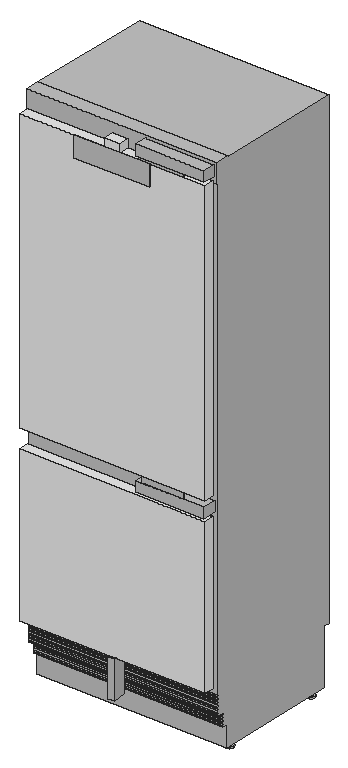
Revit family "FP-Revit20-en-RS3084WRUE1-FridgeFreezer-0-CA-US-90001084A", category Specialty Equipment, Revit 2020
Family settings
  Round Connector Dimension = Use Diameter
  Part Type = Normal
  OmniClass Number = 23.40.40.11.11
  OmniClass Title = Refrigerators and Freezers
  Work Plane-Based = No
  Always vertical = Yes
  Cut with Voids When Loaded = Yes
  Shared = No
  Room Calculation Point = No
Parameters (values of type "RS3084WRUE1")
  Visibility - Water Connection = yes
  Visibility - Visibility Control Note = yes
  Visibility - Clearance Required = yes
  URL = "www.fisherpaykel.com"
  Stainless Steel Door Panels (RD3084WRD) = no
  Product - Width = 756 mm  # constant formula
  Product - Height = 2134 mm  # constant formula
  Product - Depth (exl front panel) = 610 mm  # constant formula
  Model = "RS3084WRUE1"
  Material - Handle = Fisher & Paykel - Aluminium
  Material - Door Structure = Fisher & Paykel - White
  Material - Door Front = Fisher & Paykel - Stainless Steel
  Material - Body = Fisher & Paykel - Grey
  Manufacturer = "Fisher & Paykel Appliances"
  Handle Style - Professional Square (AHV2RD3084W) = no
  Handle Style - Professional Round Flush (AHP3RD3084W) = no
  Handle Style - Professional Round (AHCRD3084W) = no
  Handle Style - Contemporary Square Fine Black (AHD5RD3084WB) = no
  Handle Style - Contemporary Square Fine (AHD5RD3084W) = no
  Handle Style - Contemporary Square (AHD3RD3084W) = no
  Handle Style - Contemporary Round (AHSRD3084W) = no
  Description = "30\" Integrated Column Freezer with internal Ice & Water"
  Default Elevation = 0 mm
  Connector Description - Water = "1/4\" (6mm) comp. stainless steel braided hose"
  Connector Description - Electrical = "120 V, 10 amp fused electrical supply"
  Cavity - Width = 762 mm  # constant formula
  Cavity - Height = 2134 mm  # constant formula
  Cavity - Depth = 635 mm  # constant formula
Reference planes
  plane 1 "Center (Front/Back)": y = 0
  plane 2: z = 0
  plane 3 "Center (Left/Right)": x = 0
  plane 4 "Product LHS": x = -378
  plane 5 "Product RHS": x = 378
  plane 6 "Product - Depth": y = 610
  plane 7 "Cavity LHS": x = -381
  plane 8 "Cavity RHS": x = 381
  plane 9 "Cavity - Depth": y = 635
  plane 10 "Handle Offset": x = -315
  plane 11 "Product Height": z = 2134
  plane 12 "Cavity Height": z = 2134
  plane 13 "Door Panel Datum": y = -4.1
Forms (mm)
  Extrusion 1, solid, material "Fisher & Paykel - Grey" <- "Material - Body", detail levels fine
    sketch origin (0, 0, 0) x (0, 1, 0) y (0, 0, 1)
      loop
        line (100.1, 19.1) -> (587.9, 19.1) -> (587.9, 239.7) -> (610, 239.7) -> (610, 2132.3) -> (105.1, 2132.3) -> (105.1, 2134) -> (49.9, 2134) -> (49.9, 2059) -> (56, 2059) -> (56, 228.6) -> (59.5, 228.6) -> (59.5, 219.7) -> (56.5, 219.7) -> (56.5, 215.9) -> (59.5, 215.9) -> (59.5, 207) -> (56.5, 207) -> (56.5, 203.2) -> (59.5, 203.2) -> (59.5, 194.3) -> (56.5, 194.3) -> (56.5, 190.5) -> (59.5, 190.5) -> (59.5, 181.6) -> (56.5, 181.6) -> (56.5, 177.8) -> (59.5, 177.8) -> (59.5, 168.9) -> (56.5, 168.9) -> (56.5, 165.1) -> (59.5, 165.1) -> (59.5, 156.2) -> (56.5, 156.2) -> (56.5, 152.4) -> (84.1, 152.4) -> (84.1, 143.5) -> (81.1, 143.5) -> (81.1, 139.7) -> (84.1, 139.7) -> (84.1, 130.8) -> (81.1, 130.8) -> (81.1, 127) -> (84.1, 127) -> (84.1, 118.1) -> (81.1, 118.1) -> (81.1, 114.3) -> (84.1, 114.3) -> (84.1, 105.4) -> (81.1, 105.4) -> (81.1, 101.6) -> (100.1, 101.6) -> (100.1, 19.1)
    from -378 to 378
  Extrusion 2, solid, material "Fisher & Paykel - Grey" <- "Material - Body"
    sketch origin (0, 0, 0) x (1, 0, 0) y (0, 1, 0)
      loop
        circle (-357.5, 547.8) r 4.1
      loop
        circle (-357.5, 141.8) r 4.1
      loop
        circle (357.5, 547.8) r 4.1
      loop
        circle (357.5, 141.8) r 4.1
    from 3 to 19.1
  Extrusion 3, solid, material "Fisher & Paykel - Grey" <- "Material - Body"
    sketch origin (0, 0, 0) x (1, 0, 0) y (0, 1, 0)
      loop
        circle (-357.5, 547.8) r 14.5
      loop
        circle (-357.5, 141.8) r 14.555
      loop
        circle (357.5, 547.8) r 14.5
      loop
        circle (357.5, 141.8) r 14.555
    from 0 to 3
  Extrusion 4, solid, material "Fisher & Paykel - Grey" <- "Material - Body", detail levels fine
    sketch origin (0, 0, 0) x (1, 0, 0) y (0, 1, 0)
      loop
        line (-7.5, 49) -> (-13.797, -4.1) -> (13.797, -4.1) -> (7.5, 49) -> (-7.5, 49)
    from 104.2 to 253.8
  Extrusion 5, solid, material "Fisher & Paykel - Grey" <- "Material - Body", detail levels fine
    sketch origin (0, 0, 0) x (0, 1, 0) y (0, 0, 1)
      loop
        line (0, 2070.6) -> (0, 1988.6) -> (2, 1988.6) -> (2, 2068.6) -> (4, 2068.6) -> (4, 2070.6) -> (0, 2070.6)
    from -150 to 150
  Extrusion 6, solid, material "Fisher & Paykel - Grey" <- "Material - Body"
    sketch origin (0, 0, 0) x (1, 0, 0) y (0, 0, 1)
      loop
        circle (303, 119.813) r 5
      loop
        circle (-303, 119.813) r 5
    from -590 to -587.9
  Extrusion 7, solid, material "Fisher & Paykel - White" <- "Material - Door Structure"
    sketch origin (0, 0, 0) x (1, 0, 0) y (0, 1, 0)
      loop
        line (-353, 56) -> (-353, 42) -> (353, 42) -> (353, 56) -> (-353, 56)
    from 951.3 to 2030.7
  Extrusion 8, solid, material "Fisher & Paykel - White" <- "Material - Door Structure"
    sketch origin (0, 0, 0) x (1, 0, 0) y (0, 1, 0)
      loop
        line (-369.4, 42) -> (-369.4, 3) -> (369.4, 3) -> (369.4, 42) -> (-369.4, 42)
    from 943.8 to 2068.6
  Extrusion 9, solid, material "Fisher & Paykel - White" <- "Material - Door Structure", detail levels fine
    sketch origin (0, 0, 0) x (1, 0, 0) y (0, 0, 1)
      loop
        line (-29.5, 2100.1) -> (-29.5, 2068.6) -> (29.5, 2068.6) -> (29.5, 2100.1) -> (-29.5, 2100.1)
    from -42 to -3
  Extrusion 10, solid, material "Fisher & Paykel - Stainless Steel" <- "Material - Door Front", visible <- "Stainless Steel Door Panels (RD3084WRD)"
    sketch origin (0, 0, 0) x (0, 1, 0) y (0, 0, 1)
      loop
        line (-22.1, 2130.8) -> (-22.1, 876.3) -> (-4.1, 876.3) -> (-4.1, 2130.8) -> (-22.1, 2130.8)
      loop
        line (-22.1, 102) -> (-4.1, 102) -> (-4.1, 873.1) -> (-22.1, 873.1) -> (-22.1, 102)
    from -378 to 378
  Extrusion 11, solid, material "Fisher & Paykel - Grey" <- "Material - Body", detail levels coarse+medium
    sketch origin (0, 0, 0) x (0, 1, 0) y (0, 0, 1)
      loop
        line (49.9, 2134) -> (49.9, 2059) -> (56, 2059) -> (56, 152.4) -> (81.1, 152.4) -> (81.1, 101.6) -> (100.1, 101.6) -> (100.1, 19.1) -> (587.9, 19.1) -> (587.9, 239.7) -> (610, 239.7) -> (610, 2134) -> (49.9, 2134)
    from -378 to 378
  Extrusion 12, solid, material "Fisher & Paykel - Grey" <- "Material - Body", detail levels fine
    sketch origin (0, 0, -4) x (0, 1, 0) y (0, 0, 1)
      loop
        arc (163.888, 23.1) -> (180.4, 13.63) -> (196.912, 23.1) r 19.13
        line (196.912, 23.1) -> (163.888, 23.1)
      loop
        arc (493.888, 23.1) -> (510.4, 13.63) -> (526.912, 23.1) r 19.13
        line (526.912, 23.1) -> (493.888, 23.1)
    from 191 to 219
  Extrusion 13, solid, material "Fisher & Paykel - Grey" <- "Material - Body", detail levels fine
    sketch origin (0, 0, -4) x (0, 1, 0) y (0, 0, -1)
      loop
        line (163.888, -23.1) -> (196.912, -23.1)
        arc (196.912, -23.1) -> (180.4, -13.63) -> (163.888, -23.1) r 19.13
      loop
        line (493.888, -23.1) -> (526.912, -23.1)
        arc (526.912, -23.1) -> (510.4, -13.63) -> (493.888, -23.1) r 19.13
    from 191 to 219
  Extrusion 14, solid, material "Fisher & Paykel - Clearance Required", visible <- "Visibility - Clearance Required", detail levels coarse
    sketch origin (0, 0, 0) x (1, 0, 0) y (0, 1, 0)
      loop
        line (-381, 635) -> (-381, -4.1) -> (381, -4.1) -> (381, 635) -> (-381, 635)
    from 0 to 2134
  Extrusion 15, void
    sketch origin (0, 0, 0) x (1, 0, 0) y (0, 1, 0)
      loop
        line (-381, 635) -> (-381, -22.1) -> (381, -22.1) -> (381, 635) -> (-381, 635)
    from 0 to 2134
  Extrusion 16, solid, material "Fisher & Paykel - Grey" <- "Material - Body", detail levels fine
    sketch origin (0, 0, 0) x (1, 0, 0) y (0, 0, 1)
      loop
        line (118.4, 943.8) -> (118.4, 919.35) -> (282.9, 919.35) -> (282.9, 943.8) -> (118.4, 943.8)
      loop
        line (106, 2081.05) -> (106, 2068.6) -> (282.9, 2068.6) -> (282.9, 2076.05) -> (242.9, 2081.05) -> (106, 2081.05)
    from -7 to -4
  Extrusion 17, solid, material "Fisher & Paykel - White" <- "Material - Door Structure"
    sketch origin (0, 0, 0) x (1, 0, 0) y (0, 1, 0)
      loop
        line (-369.4, 42) -> (-369.4, 3) -> (369.4, 3) -> (369.4, 42) -> (-369.4, 42)
    from 253.8 to 868.15
  Extrusion 18, solid, material "Fisher & Paykel - White" <- "Material - Door Structure"
    sketch origin (0, 0, 0) x (1, 0, 0) y (0, 1, 0)
      loop
        line (-353, 56) -> (-353, 42) -> (353, 42) -> (353, 56) -> (-353, 56)
    from 269.2 to 858.13
  Extrusion 19, solid, material "Fisher & Paykel - Clearance Required", visible <- "Visibility - Clearance Required", detail levels coarse
    sketch origin (0, 0, 0) x (0, 1, 0) y (0, 0, 1)
      loop
        line (-422.1, 873.1) -> (-422.1, 818.896) -> (-482.1, 818.896) -> (-482.1, 781.896) -> (-422.1, 781.896) -> (-422.1, 101.6) -> (-22.1, 101.6) -> (-22.1, 873.1) -> (-422.1, 873.1)
    from -381 to 381
  Extrusion 20, solid, material "Fisher & Paykel - Clearance Required", visible <- "Visibility - Clearance Required", detail levels coarse
    sketch origin (0, -0.697, 0) x (1, 0, 0) y (0, 1, 0)
      loop
        line (-328.5, -21.403) -> (-378, -21.403)
        arc (-378, -21.403) -> (-22.015, -691.254) -> (734.604, -745.593) r 783.517
        line (734.604, -745.593) -> (712.602, -698.253) -> (738.875, -686.002)
        arc (738.875, -686.002) -> (747.815, -661.439) -> (723.252, -652.5) r 18.483
        line (723.252, -652.5) -> (697.006, -664.698) -> (415.915, -59.919)
        arc (415.915, -59.919) -> (380.992, -56.377) -> (378, -21.403) r 27.5
        line (378, -21.403) -> (-328.5, -21.403)
    from 876.3 to 2134
  Extrusion 21, solid, material "Fisher & Paykel - Grey" <- "Material - Body", detail levels fine
    sketch origin (0, 0, 0) x (1, 0, 0) y (0, 0, 1)
      loop
        line (366.4, 2123.15) -> (95.42, 2123.15) -> (95.42, 2081.05) -> (366.4, 2081.05) -> (366.4, 2123.15)
    from -49 to -2.5
  Extrusion 22, solid, material "Fisher & Paykel - Grey" <- "Material - Body", detail levels fine
    sketch origin (0, 0, 0) x (1, 0, 0) y (0, 0, 1)
      loop
        line (366.4, 877.25) -> (366.4, 919.35) -> (95.42, 919.35) -> (95.42, 877.25) -> (366.4, 877.25)
    from -56 to -2.5
Lines and regions (mm)
  model lines, style "Fisher & Paykel"
    curve 1: line (-378, -4.1, 2130.8) -> (378, -4.1, 2130.8)
    curve 2: line (-378, -4.1, 876.3) -> (-378, -4.1, 2130.8)
    curve 3: line (378, -4.1, 876.3) -> (-378, -4.1, 876.3)
    curve 4: line (378, -4.1, 2130.8) -> (378, -4.1, 876.3)
    curve 5: line (378, -4.1, 873.1) -> (-378, -4.1, 873.1)
    curve 6: line (378, -4.1, 102) -> (378, -4.1, 873.1)
    curve 7: line (-378, -4.1, 102) -> (378, -4.1, 102)
    curve 8: line (-378, -4.1, 873.1) -> (-378, -4.1, 102)
Text (mm)
  text "Due to ongoing product development, product details are subject to change without notice. \nPlease always refer to www.fisherpaykel.com for the most current product information. \n© Fisher & Paykel 2020" at (41.04, -878.295, 0), in view "Ref. Level (Plan)"
Dimensions and locks
  equal spacing: plane 4 "Product LHS", plane 3 "Center (Left/Right)", plane 5 "Product RHS"
  "Product - Width": plane 4 "Product LHS" to plane 5 "Product RHS"
  "Product - Depth (exl front panel)": plane 1 "Center (Front/Back)" to plane 6 "Product - Depth"
  equal spacing: plane 7 "Cavity LHS", plane 3 "Center (Left/Right)", plane 8 "Cavity RHS"
  "Cavity - Width": plane 7 "Cavity LHS" to plane 8 "Cavity RHS"
  "Cavity - Depth": plane 9 "Cavity - Depth" to plane 1 "Center (Front/Back)"
  plane 4 "Product LHS" to Extrusion 2 sketch curve = 24.6 mm
  plane 4 "Product LHS" to plane 10 "Handle Offset" = 63 mm
  Extrusion 6 sketch curve to Extrusion 1 = 119.887 mm  (x2)
  Extrusion 6 sketch curve to plane 5 "Product RHS" = 75 mm
  plane 4 "Product LHS" to Extrusion 6 sketch curve = 75 mm
  Extrusion 1 sketch curve to Extrusion 1 sketch curve = 82.5 mm
  Extrusion 1 sketch curve to Extrusion 1 sketch curve = 209.5 mm
  Extrusion 1 sketch curve to Extrusion 1 sketch curve = 220.6 mm
  Extrusion 3 to level = 3 mm
  Extrusion 11 to Extrusion 8 = 924.7 mm
  Extrusion 11 to Extrusion 7 = 932.2 mm
  Extrusion 11 to Extrusion 11 = 2114.9 mm
  Extrusion 11 to Extrusion 10 = 82.9 mm
  "Product - Height": level to plane 11 "Product Height"
  plane 11 "Product Height" to Extrusion 10 = 3.2 mm
  Extrusion 8 to plane 11 "Product Height" = 65.4 mm
  Extrusion 7 to plane 11 "Product Height" = 103.3 mm
  Extrusion 11 sketch curve to plane 11 "Product Height" = 75 mm
  Extrusion 1 sketch curve to plane 11 "Product Height" = 1.7 mm
  Extrusion 1 sketch curve to plane 11 "Product Height" = 75 mm
  "Cavity - Height": plane 12 "Cavity Height" to level
  plane 1 "Center (Front/Back)" to Extrusion 14 = 635 mm
  plane 1 "Center (Front/Back)" to Extrusion 15 = 635 mm
  Extrusion 16 sketch curve to Extrusion 16 sketch curve = 40 mm
  Extrusion 16 sketch curve to plane 3 "Center (Left/Right)" = 106 mm
  Extrusion 16 sketch curve to Extrusion 16 sketch curve = 176.9 mm
  Extrusion 16 sketch curve to plane 3 "Center (Left/Right)" = 118.4 mm
  plane 3 "Center (Left/Right)" to Extrusion 16 sketch curve = 282.9 mm
  Extrusion 15 to level = 2134 mm
  radius of Extrusion 6 sketch curve = 5 mm
  aligned and locked: level to plane 2
  aligned and locked: Extrusion 10 to plane 5 "Product RHS"
  aligned and locked: plane 4 "Product LHS" to Extrusion 10
  aligned and locked: Extrusion 11 to plane 5 "Product RHS"
  aligned and locked: Extrusion 11 to plane 4 "Product LHS"
  aligned and locked: Extrusion 11 sketch curve to plane 11 "Product Height"
  aligned and locked: plane 11 "Product Height" to Extrusion 1 sketch curve
  aligned and locked: Extrusion 12 sketch curve to Extrusion 12 sketch curve
  aligned and locked: Extrusion 13 sketch curve to Extrusion 13 sketch curve
  aligned and locked: Extrusion 1 to plane 5 "Product RHS"
  aligned and locked: plane 4 "Product LHS" to Extrusion 1
  aligned and locked: nested 2 to plane 10 "Handle Offset"
  aligned and locked: nested 3 to plane 10 "Handle Offset"
  aligned and locked: nested 4 to plane 10 "Handle Offset"
  aligned and locked: nested 5 to plane 10 "Handle Offset"
  aligned and locked: nested 6 to plane 10 "Handle Offset"
  aligned and locked: nested 7 to plane 10 "Handle Offset"
  aligned and locked: nested 8 to plane 10 "Handle Offset"
Automatic sketch dimensions
  Extrusion 1 sketch curve to plane 6 "Product - Depth" = 0 mm
  Extrusion 1 sketch curve to Extrusion 1 sketch curve = 22.1 mm
  Extrusion 1 sketch curve to plane 1 "Center (Front/Back)" = 105.1 mm
  level to Extrusion 1 sketch curve = 19.1 mm
  Extrusion 1 sketch curve to plane 1 "Center (Front/Back)" = 100.1 mm
  Extrusion 1 sketch curve to Extrusion 1 sketch curve = 16 mm
  Extrusion 1 sketch curve to Extrusion 1 sketch curve = 0 mm  (x8)
  Extrusion 1 sketch curve to Extrusion 1 sketch curve = 3 mm  (x10)
  Extrusion 1 sketch curve to plane 1 "Center (Front/Back)" = 59.5 mm
  Extrusion 1 sketch curve to plane 1 "Center (Front/Back)" = 56 mm
  Extrusion 1 sketch curve to plane 1 "Center (Front/Back)" = 49.9 mm
  Extrusion 1 sketch curve to Extrusion 1 sketch curve = 3.8 mm  (x10)
  Extrusion 1 sketch curve to Extrusion 1 sketch curve = 8.9 mm  (x9)
  Extrusion 2 sketch curve to plane 4 "Product LHS" = 20.5 mm  (x2)
  plane 5 "Product RHS" to Extrusion 2 sketch curve = 20.5 mm  (x2)
  Extrusion 2 sketch curve to plane 1 "Center (Front/Back)" = 141.8 mm  (x2)
  Extrusion 2 sketch curve to plane 6 "Product - Depth" = 62.2 mm  (x2)
  Extrusion 3 sketch curve to plane 4 "Product LHS" = 20.5 mm  (x2)
  plane 5 "Product RHS" to Extrusion 3 sketch curve = 20.5 mm  (x2)
  Extrusion 3 sketch curve to plane 1 "Center (Front/Back)" = 141.8 mm  (x2)
  Extrusion 3 sketch curve to plane 6 "Product - Depth" = 62.2 mm  (x2)
  plane 1 "Center (Front/Back)" to Extrusion 4 sketch curve = 4.1 mm
  Extrusion 4 sketch curve to plane 3 "Center (Left/Right)" = 13.797 mm
  Extrusion 4 sketch curve to plane 3 "Center (Left/Right)" = 7.5 mm
  plane 3 "Center (Left/Right)" to Extrusion 4 sketch curve = 7.5 mm
  plane 3 "Center (Left/Right)" to Extrusion 4 sketch curve = 13.797 mm
  Extrusion 4 sketch curve to plane 1 "Center (Front/Back)" = 49 mm
  Extrusion 5 sketch curve to plane 1 "Center (Front/Back)" = 0 mm
  Extrusion 5 sketch curve to plane 1 "Center (Front/Back)" = 2 mm
  Extrusion 5 sketch curve to Extrusion 5 sketch curve = 2 mm  (x2)
  plane 11 "Product Height" to Extrusion 5 sketch curve = 145.4 mm
  plane 11 "Product Height" to Extrusion 5 sketch curve = 65.4 mm
  Extrusion 7 sketch curve to plane 4 "Product LHS" = 25 mm
  plane 5 "Product RHS" to Extrusion 7 sketch curve = 25 mm
  Extrusion 7 sketch curve to plane 1 "Center (Front/Back)" = 42 mm
  Extrusion 7 sketch curve to Extrusion 7 sketch curve = 14 mm
  Extrusion 8 sketch curve to plane 1 "Center (Front/Back)" = 3 mm
  Extrusion 8 sketch curve to plane 4 "Product LHS" = 8.6 mm
  plane 5 "Product RHS" to Extrusion 8 sketch curve = 8.6 mm
  Extrusion 8 sketch curve to Extrusion 8 sketch curve = 39 mm
  Extrusion 9 sketch curve to plane 3 "Center (Left/Right)" = 29.5 mm
  plane 3 "Center (Left/Right)" to Extrusion 9 sketch curve = 29.5 mm
  plane 11 "Product Height" to Extrusion 9 sketch curve = 65.4 mm
  Extrusion 9 sketch curve to Extrusion 9 sketch curve = 31.5 mm
  Extrusion 11 sketch curve to plane 6 "Product - Depth" = 0 mm
  Extrusion 11 sketch curve to plane 6 "Product - Depth" = 22.1 mm
  Extrusion 11 sketch curve to plane 1 "Center (Front/Back)" = 100.1 mm
  Extrusion 11 sketch curve to Extrusion 11 sketch curve = 19 mm
  Extrusion 11 sketch curve to plane 1 "Center (Front/Back)" = 56 mm
  Extrusion 11 sketch curve to plane 1 "Center (Front/Back)" = 49.9 mm
  level to Extrusion 11 sketch curve = 239.7 mm
  level to Extrusion 11 sketch curve = 152.4 mm
  Extrusion 11 sketch curve to Extrusion 11 sketch curve = 50.8 mm
  level to Extrusion 11 sketch curve = 19.1 mm
  level to Extrusion 12 sketch curve = 19.1 mm
  Extrusion 12 sketch curve to plane 1 "Center (Front/Back)" = 163.888 mm
  Extrusion 12 sketch curve to Extrusion 12 sketch curve = 16.512 mm  (x2)
  Extrusion 12 sketch curve to plane 6 "Product - Depth" = 116.112 mm
  Extrusion 12 sketch curve to Extrusion 12 sketch curve = 9.66 mm  (x2)
  level to Extrusion 13 sketch curve = 19.1 mm
  Extrusion 13 sketch curve to plane 1 "Center (Front/Back)" = 163.888 mm
  Extrusion 13 sketch curve to Extrusion 13 sketch curve = 16.512 mm  (x2)
  Extrusion 13 sketch curve to plane 6 "Product - Depth" = 116.112 mm
  Extrusion 13 sketch curve to Extrusion 13 sketch curve = 9.66 mm  (x2)
  Extrusion 14 sketch curve to plane 7 "Cavity LHS" = 0 mm
  Extrusion 14 sketch curve to plane 8 "Cavity RHS" = 0 mm
  Extrusion 14 sketch curve to plane 9 "Cavity - Depth" = 0 mm
  plane 1 "Center (Front/Back)" to Extrusion 14 sketch curve = 4.1 mm
  Extrusion 15 sketch curve to plane 7 "Cavity LHS" = 0 mm
  Extrusion 15 sketch curve to plane 8 "Cavity RHS" = 0 mm
  plane 9 "Cavity - Depth" to Extrusion 15 sketch curve = 0 mm
  plane 1 "Center (Front/Back)" to Extrusion 15 sketch curve = 22.1 mm
  level to Extrusion 16 sketch curve = 919.35 mm
  Extrusion 16 sketch curve to Extrusion 16 sketch curve = 24.45 mm
  plane 11 "Product Height" to Extrusion 16 sketch curve = 65.4 mm
  Extrusion 16 sketch curve to Extrusion 16 sketch curve = 7.45 mm
  Extrusion 16 sketch curve to Extrusion 16 sketch curve = 5 mm
  Extrusion 17 sketch curve to plane 1 "Center (Front/Back)" = 3 mm
  Extrusion 17 sketch curve to plane 4 "Product LHS" = 8.6 mm
  plane 5 "Product RHS" to Extrusion 17 sketch curve = 8.6 mm
  Extrusion 17 sketch curve to Extrusion 17 sketch curve = 39 mm
  Extrusion 18 sketch curve to plane 4 "Product LHS" = 25 mm
  plane 5 "Product RHS" to Extrusion 18 sketch curve = 25 mm
  Extrusion 18 sketch curve to plane 1 "Center (Front/Back)" = 42 mm
  Extrusion 18 sketch curve to Extrusion 18 sketch curve = 14 mm
  plane 1 "Center (Front/Back)" to Extrusion 19 sketch curve = 482.1 mm
  Extrusion 19 sketch curve to Extrusion 19 sketch curve = 60 mm
  Extrusion 19 sketch curve to Extrusion 19 sketch curve = 0 mm
  plane 1 "Center (Front/Back)" to Extrusion 19 sketch curve = 22.1 mm
  level to Extrusion 19 sketch curve = 101.6 mm
  Extrusion 19 sketch curve to Extrusion 19 sketch curve = 680.296 mm
  Extrusion 19 sketch curve to Extrusion 19 sketch curve = 37 mm
  Extrusion 19 sketch curve to Extrusion 19 sketch curve = 54.204 mm
  Extrusion 20 sketch curve to plane 4 "Product LHS" = 0 mm
  plane 10 "Handle Offset" to Extrusion 20 sketch curve = 13.5 mm
  plane 5 "Product RHS" to Extrusion 20 sketch curve = 0 mm
  Extrusion 20 sketch curve to plane 8 "Cavity RHS" = 19.59 mm
  Extrusion 20 sketch curve to Extrusion 20 sketch curve = 4.816 mm
  Extrusion 20 sketch curve to Extrusion 20 sketch curve = 10.509 mm
  Extrusion 20 sketch curve to plane 8 "Cavity RHS" = 316.006 mm
  Extrusion 20 sketch curve to Extrusion 20 sketch curve = 15.596 mm
  Extrusion 20 sketch curve to Extrusion 20 sketch curve = 26.246 mm
  Extrusion 20 sketch curve to Extrusion 20 sketch curve = 7.811 mm  (x2)
  Extrusion 20 sketch curve to Extrusion 20 sketch curve = 22.003 mm
  plane 1 "Center (Front/Back)" to Extrusion 20 sketch curve = 746.289 mm
  Extrusion 20 sketch curve to Extrusion 20 sketch curve = 47.339 mm
  Extrusion 20 sketch curve to Extrusion 20 sketch curve = 12.251 mm
  Extrusion 20 sketch curve to Extrusion 20 sketch curve = 16.751 mm
  Extrusion 20 sketch curve to Extrusion 20 sketch curve = 12.199 mm
  Extrusion 20 sketch curve to Extrusion 20 sketch curve = 22.833 mm
  plane 11 "Product Height" to Extrusion 21 sketch curve = 10.85 mm
  plane 3 "Center (Left/Right)" to Extrusion 21 sketch curve = 95.42 mm
  plane 5 "Product RHS" to Extrusion 21 sketch curve = 11.6 mm
  Extrusion 21 sketch curve to Extrusion 21 sketch curve = 42.1 mm
  plane 3 "Center (Left/Right)" to Extrusion 22 sketch curve = 95.42 mm
  plane 5 "Product RHS" to Extrusion 22 sketch curve = 11.6 mm
  level to Extrusion 22 sketch curve = 877.25 mm
  Extrusion 22 sketch curve to Extrusion 22 sketch curve = 42.1 mm
  plane 11 "Product Height" to Extrusion 10 sketch curve = 3.2 mm
  plane 1 "Center (Front/Back)" to Extrusion 10 sketch curve = 22.1 mm
  plane 1 "Center (Front/Back)" to Extrusion 10 sketch curve = 4.1 mm  (x2)
  level to Extrusion 10 sketch curve = 102 mm
  Extrusion 10 sketch curve to Extrusion 10 sketch curve = 774.3 mm
  Extrusion 10 sketch curve to Extrusion 10 sketch curve = 3.2 mm
  Extrusion 10 sketch curve to Extrusion 10 sketch curve = 18 mm
  plane 5 "Product RHS" to curve 5 = 0 mm
  plane 5 "Product RHS" to curve 1 = 0 mm
  plane 4 "Product LHS" to curve 5 = 0 mm
  plane 4 "Product LHS" to curve 2 = 0 mm
  level to curve 6 = 102 mm
  curve 6 to curve 6 = 771.1 mm
  curve 5 to curve 2 = 3.2 mm
  plane 11 "Product Height" to curve 2 = 3.2 mm
  radius of Extrusion 2 sketch curve = 4.1 mm  (x3)
  radius of Extrusion 3 sketch curve = 14.5 mm  (x2)
  radius of Extrusion 3 sketch curve = 14.555 mm  (x2)
  radius of Extrusion 6 sketch curve = 5 mm
Nested families
  nested 1: "Visibility Control Note 18" at (0, 0, 0), visible <- "Visibility - Visibility Control Note", type "Visibility Control Note 18"
  nested 2: "Handle Contemporary Round - Vertical" at (-315, -22.1, 1322.58), visible <- "Handle Style - Contemporary Round (AHSRD3084W)", type "AHSRD3084W - Contemporary round handle (1 of 2) (Vertical) 727mm"
  nested 3: "Handle Contemporary Square - Vertical" at (-315, -22.1, 1322.58), visible <- "Handle Style - Contemporary Square (AHD3RD3084W)", type "AHD3RD3084W - Contemporary square handle (1 of 2) (Vertical) 727mm"
  nested 4: "F&P Handle Kit - Contemporary Square Fine - Vertical" at (-315, -22.1, 1322.58), visible <- "Handle Style - Contemporary Square Fine Black (AHD5RD3084WB)", type "AHD5RD3084WB - Contemporary square fine black handle (1 of 2) (Vertical) 727mm"
  nested 5: "F&P Handle Kit - Contemporary Square Fine - Vertical" at (-315, -22.1, 1322.58), visible <- "Handle Style - Contemporary Square Fine (AHD5RD3084W)", type "AHD5RD3084W - Contemporary square fine handle (1 of 2) (Vertical) 727mm"
  nested 6: "Handle Professional Round - Vertical" at (-315, -22.1, 1322.58), visible <- "Handle Style - Professional Round (AHCRD3084W)", type "AHCRD3084W - Professional round handle (1 of 2) (Vertical) 661mm"
  nested 7: "Handle Professional Round Flush - Vertical" at (-315, -22.1, 1322.58), visible <- "Handle Style - Professional Round Flush (AHP3RD3084W)", type "AHP3RD3084W - Professional round flush handle (1 of 2) (Vertical) 677mm"
  nested 8: "Handle Professional Square - Vertical" at (-315, -22.1, 1322.58), visible <- "Handle Style - Professional Square (AHV2RD3084W)", type "AHV2RD3084W - Professional square handle (1 of 2) (Vertical) 727mm"
  nested 9: "Handle Contemporary Round - Horizontal" at (0, -22.1, 800.364), visible <- "Handle Style - Contemporary Round (AHSRD3084W)", type "AHSRD3084W - Contemporary round handle (2 of 2) (Horizontal) 646mm"
  nested 10: "Handle Contemporary Square - Horizontal" at (0, -22.1, 800.364), visible <- "Handle Style - Contemporary Square (AHD3RD3084W)", type "AHD3RD3084W - Contemporary square handle (2 of 2) (Horizontal) 646mm"
  nested 11: "F&P Handle Kit - Contemporary Square Fine - Horizontal" at (0, -22.1, 800.364), visible <- "Handle Style - Contemporary Square Fine Black (AHD5RD3084WB)", type "AHD5RD7621WB - Contemporary square fine handle black (2 of 2) (Horizontal) 646mm"
  nested 12: "Handle Professional Round - Horizontal" at (0, -22.1, 800.364), visible <- "Handle Style - Professional Round (AHCRD3084W)", type "AHCRD3084W - Professional round handle (2 of 2) (Horizontal) 580mm"
  nested 13: "Handle Professional Round Flush - Horizontal" at (0, -22.1, 800.364), visible <- "Handle Style - Professional Round Flush (AHP3RD3084W)", type "AHP3RD3084W - Professional round flush handle (2 of 2) (Horizontal) 596mm"
  nested 14: "Handle Professional Square - Horizontal" at (0, -22.1, 800.364), visible <- "Handle Style - Professional Square (AHV2RD3084W)", type "AHV2RD3084W - Professional square handle (2 of 2) (Horizontal) 586mm"
  nested 15: "F&P Handle Kit - Contemporary Square Fine - Horizontal" at (0, -22.1, 800.364), visible <- "Handle Style - Contemporary Square Fine (AHD5RD3084W)", type "AHD5RD3084W - Contemporary square fine handle (2 of 2) (Horizontal) 646mm"
Connectors
  electrical at (-303, 590, 119.813), driven by "Connector Description - Electrical"
    settings: on Extrusion 6, index 1, voltage 120 V, apparent load 0 VA, apparent load phase1 0 VA, apparent load phase2 0 VA, apparent load phase3 0 VA, power factor 1, load classification "Other", number of poles 1, system type 30, power factor state 1, is connector primary yes, connector utility no, sub classification motor no, connector description "120 V, 10 amp fused electrical supply"
  piping at (303, 590, 119.813), diameter 12.7, driven by "Visibility - Water Connection", driven by "Connector Description - Water"
    settings: on Extrusion 6, index 2, connector inside diameter 609.6 mm, connector length 0 mm, flow factor 0, pipe flow 0.0 L/s, pressure drop 0.0 Pa, fitting loss kfactor 0, connector angle 0.00°, fixture units 0, engagement length 0 mm, angle of deflection 0.00°, flow configuration 0, flow direction 1, fitting loss method 0, system type 20, joint type 0, gender type 0, connector reference index -1, connector utility 1, adjustable connector no, is connector primary yes, connector description "1/4\" (6mm) comp. stainless steel braided hose"
Definition of nested family "Handle Contemporary Round - Vertical"
  Parameters (values of type "AHSRS80A - Contemporary round handle (1 of 2) (Vertical) 727mm")
    URL = "www.fisherpaykel.com"
    Material - Handle = none
    Manufacturer = "Fisher & Paykel Appliances"
    Handle - Length = 727 mm
    Default Elevation = 0 mm
  Types (6, lengths in mm): name | Handle - Length
    AHS-RD21 - Contemporary round handle (Vertical) 852mm | 852
    AHSRD2484W - Contemporary round handle (1 of 2) (Vertical) 727mm | 727
    AHSRD3084W - Contemporary round handle (1 of 2) (Vertical) 727mm | 727
    AHS-RD84 - Contemporary round handle (Vertical) 852mm | 852
    AHSRS3272A - Contemporary round handle (1 of 2) (Vertical) 727mm | 727
    AHSRS80A - Contemporary round handle (1 of 2) (Vertical) 727mm | 727
  Reference planes
    plane 1 "Center (Front/Back)": y = 0
    plane 2: z = 0
    plane 3 "Center (Left/Right)": x = 0
    plane 4 "Top": z = 363.5
    plane 5 "Bottom": z = -363.5
    plane 6 "Top Standoff": z = 243.5
    plane 7 "Bottom Standoff": z = -243.5
  Forms (mm)
    Extrusion 1, solid, material <- "Material - Handle"
      sketch origin (0, 0, 0) x (1, 0, 0) y (0, 1, 0)
        loop
          circle (0, -32.3) r 8.7
      from -243.5 to 243.5
    Extrusion 2, solid, material <- "Material - Handle", detail levels fine
      sketch origin (0, 0, 0) x (1, 0, 0) y (0, 1, 0)
        loop
          line (-8.7, 0) -> (-8.7, -32.3)
          arc (-8.7, -32.3) -> (0, -41) -> (8.7, -32.3) r 8.7
          line (8.7, -32.3) -> (8.7, 0) -> (-8.7, 0)
      from 243.5 to 363.5
    Extrusion 3, solid, material <- "Material - Handle", detail levels fine
      sketch origin (0, 0, 0) x (1, 0, 0) y (0, 1, 0)
        loop
          line (-8.7, 0) -> (-8.7, -32.3)
          arc (-8.7, -32.3) -> (0, -41) -> (8.7, -32.3) r 8.7
          line (8.7, -32.3) -> (8.7, 0) -> (-8.7, 0)
      from -363.5 to -243.5
    Sweep 4, void
      path in 3D
        loop
          line (8.7, 0, -363.5) -> (8.7, -32.3, -363.5)
          arc (8.7, -32.3, -363.5) -> (0, -41, -363.5) -> (-8.7, -32.3, -363.5) r 8.7
          line (-8.7, -32.3, -363.5) -> (-8.7, 0, -363.5)
      profile origin (8.7, -16.15, -363.5) x (-1, 0, 0) y (0, 0, -1)
        loop
          line (0, 0) -> (0, -1) -> (1, 0) -> (0, 0)
    Sweep 5, void
      path in 3D
        loop
          line (-8.7, 0, 363.5) -> (-8.7, -32.3, 363.5)
          arc (-8.7, -32.3, 363.5) -> (0, -41, 363.5) -> (8.7, -32.3, 363.5) r 8.7
          line (8.7, -32.3, 363.5) -> (8.7, 0, 363.5)
      profile origin (8.7, -16.15, 363.5) x (-1, 0, 0) y (0, 0, 1)
        loop
          line (0, 0) -> (0, -1) -> (1, 0) -> (0, 0)
    Extrusion 6, solid, material <- "Material - Handle", detail levels coarse+medium
      sketch origin (0, 0, 0) x (1, 0, 0) y (0, 1, 0)
        loop
          line (-8.7, 0) -> (-8.7, -32.3)
          arc (-8.7, -32.3) -> (0, -41) -> (8.7, -32.3) r 8.7
          line (8.7, -32.3) -> (8.7, 0) -> (-8.7, 0)
      from 243.5 to 363.5
    Extrusion 7, solid, material <- "Material - Handle", detail levels coarse+medium
      sketch origin (0, 0, 0) x (1, 0, 0) y (0, 1, 0)
        loop
          line (-8.7, 0) -> (-8.7, -32.3)
          arc (-8.7, -32.3) -> (0, -41) -> (8.7, -32.3) r 8.7
          line (8.7, -32.3) -> (8.7, 0) -> (-8.7, 0)
      from -363.5 to -243.5
  Cuts and joins
    Sweep 4 cuts Extrusion 3
    Sweep 5 cuts Extrusion 2
  Lines and regions (mm)
    sketch lines
      curve 1: line (8.7, 0, -363.5) -> (8.7, -32.3, -363.5)
      curve 2: arc (-8.7, -32.3, -363.5) -> (0, -41, -363.5) -> (8.7, -32.3, -363.5) r 8.7
      curve 3: line (-8.7, -32.3, -363.5) -> (-8.7, 0, -363.5)
      curve 4: line (8.7, -32.3, 363.5) -> (8.7, 0, 363.5)
      curve 5: arc (8.7, -32.3, 363.5) -> (0, -41, 363.5) -> (-8.7, -32.3, 363.5) r 8.7
      curve 6: line (-8.7, 0, 363.5) -> (-8.7, -32.3, 363.5)
  Dimensions and locks
    equal spacing: plane 4 "Top", level, plane 5 "Bottom"
    "Handle - Length": plane 4 "Top" to plane 5 "Bottom"
    locked: plane 4 "Top" to plane 6 "Top Standoff" at 120
    locked: plane 7 "Bottom Standoff" to plane 5 "Bottom" at 120
    Extrusion 2 sketch curve to Extrusion 2 sketch curve = 17.4 mm
    Extrusion 3 sketch curve to Extrusion 3 sketch curve = 17.4 mm
    Extrusion 6 sketch curve to Extrusion 6 sketch curve = 17.4 mm
    Extrusion 7 sketch curve to Extrusion 7 sketch curve = 17.4 mm
    aligned and locked: level to plane 2
    aligned and locked: plane 4 "Top" to Extrusion 2
    aligned and locked: Extrusion 3 to plane 5 "Bottom"
    aligned and locked: plane 7 "Bottom Standoff" to Extrusion 3
    aligned and locked: Extrusion 1 to plane 7 "Bottom Standoff"
    aligned and locked: plane 6 "Top Standoff" to Extrusion 1
    aligned and locked: Extrusion 2 to Extrusion 1
    aligned and locked: Extrusion 6 to Extrusion 1
    aligned and locked: plane 4 "Top" to Extrusion 6
    aligned and locked: Extrusion 7 to Extrusion 1
    aligned and locked: Extrusion 7 to plane 5 "Bottom"
  Automatic sketch dimensions
    Extrusion 1 sketch curve to plane 3 "Center (Left/Right)" = 0 mm
    plane 1 "Center (Front/Back)" to Extrusion 1 sketch curve = 32.3 mm
    plane 1 "Center (Front/Back)" to Extrusion 2 sketch curve = 0 mm
    Extrusion 2 sketch curve to plane 3 "Center (Left/Right)" = 0 mm
    Extrusion 2 sketch curve to plane 3 "Center (Left/Right)" = 8.7 mm
    plane 1 "Center (Front/Back)" to Extrusion 2 sketch curve = 32.3 mm
    plane 1 "Center (Front/Back)" to Extrusion 3 sketch curve = 0 mm
    Extrusion 3 sketch curve to plane 3 "Center (Left/Right)" = 0 mm
    Extrusion 3 sketch curve to plane 3 "Center (Left/Right)" = 8.7 mm
    plane 1 "Center (Front/Back)" to Extrusion 3 sketch curve = 32.3 mm
    Sweep 4 sketch curve to profile plane = 0 mm  (x2)
    Sweep 4 sketch curve to profile plane = 1 mm  (x2)
    Sweep 5 sketch curve to profile plane = 0 mm  (x2)
    Sweep 5 sketch curve to profile plane = 1 mm  (x2)
    Extrusion 6 sketch curve to plane 3 "Center (Left/Right)" = 0 mm
    Extrusion 6 sketch curve to plane 3 "Center (Left/Right)" = 8.7 mm
    plane 1 "Center (Front/Back)" to Extrusion 6 sketch curve = 32.3 mm
    Extrusion 6 sketch curve to Extrusion 6 sketch curve = 32.3 mm
    Extrusion 7 sketch curve to plane 3 "Center (Left/Right)" = 0 mm
    Extrusion 7 sketch curve to plane 3 "Center (Left/Right)" = 8.7 mm
    plane 1 "Center (Front/Back)" to Extrusion 7 sketch curve = 32.3 mm
    Extrusion 7 sketch curve to Extrusion 7 sketch curve = 32.3 mm
    radius of Extrusion 1 sketch curve = 8.7 mm
Definition of nested family "Handle Contemporary Square - Vertical"
  Parameters (values of type "AHD3RS80A - Contemporary square handle (1 of 2) (Vertical) 727mm")
    URL = "www.fisherpaykel.com"
    Material - Handle = none
    Manufacturer = "Fisher & Paykel Appliances"
    Handle - Length = 727 mm
    Default Elevation = 0 mm
  Types (7, lengths in mm): name | Handle - Length
    (no name) | 727
    AHD3-RD21 - Contemporary square handle (Vertical) 852mm | 852
    AHD3RD2484W - Contemporary square handle (1 of 2) (Vertical) 727mm | 727
    AHD3RD3084W - Contemporary square handle (1 of 2) (Vertical) 727mm | 727
    AHD3-RD84 - Contemporary square handle (Vertical) 852mm | 852
    AHD3RS3272A - Contemporary square handle (1 of 2) (Vertical) 727mm | 727
    AHD3RS80A - Contemporary square handle (1 of 2) (Vertical) 727mm | 727
  Reference planes
    plane 1 "Center (Front/Back)": y = 0
    plane 2: z = 0
    plane 3 "Center (Left/Right)": x = 0
    plane 4 "Top": z = 363.5
    plane 5 "Bottom": z = -363.5
    plane 6 "Top Standoff": z = 243.5
    plane 7 "Bottom Standoff": z = -243.5
  Forms (mm)
    Extrusion 1, solid, material <- "Material - Handle", detail levels fine
      sketch origin (0, 0, 0) x (1, 0, 0) y (0, 1, 0)
        loop
          arc (-7.583, -28.701) -> (-7.89, -29.057) -> (-8, -29.514) r 1
          line (-8, -29.514) -> (-8, -40.5)
          arc (-8, -40.5) -> (-7.561, -41.561) -> (-6.5, -42) r 1.5
          line (-6.5, -42) -> (6.5, -42)
          arc (6.5, -42) -> (7.561, -41.561) -> (8, -40.5) r 1.5
          line (8, -40.5) -> (8, -29.487)
          arc (8, -29.487) -> (7.889, -29.029) -> (7.58, -28.673) r 1
          arc (7.58, -28.673) -> (-0.006, -26.256) -> (-7.583, -28.701) r 13.038
      from -363.5 to 363.5
    Extrusion 2, solid, material <- "Material - Handle", detail levels fine
      sketch origin (0, 0, 0) x (1, 0, 0) y (0, 1, 0)
        loop
          arc (7.058, -28.23) -> (7.466, -28.244) -> (7.674, -27.893) r 0.4
          line (7.674, -27.893) -> (7.674, 0) -> (-7.674, 0) -> (-7.674, -27.86)
          arc (-7.674, -27.86) -> (-7.467, -28.21) -> (-7.06, -28.198) r 0.4
          arc (-7.06, -28.198) -> (0.004, -26.156) -> (7.058, -28.23) r 13.136
      from 243.5 to 363.5
    Extrusion 3, solid, material <- "Material - Handle", detail levels fine
      sketch origin (0, 0, 0) x (1, 0, 0) y (0, 1, 0)
        loop
          arc (7.058, -28.23) -> (7.466, -28.244) -> (7.674, -27.893) r 0.4
          line (7.674, -27.893) -> (7.674, 0) -> (-7.674, 0) -> (-7.674, -27.86)
          arc (-7.674, -27.86) -> (-7.467, -28.21) -> (-7.06, -28.198) r 0.4
          arc (-7.06, -28.198) -> (0.004, -26.156) -> (7.058, -28.23) r 13.136
      from -363.5 to -243.5
    Sweep 4, void
      path in 3D
        loop
          line (-8, -29.514, 363.5) -> (-8, -40.5, 363.5)
          arc (-8, -40.5, 363.5) -> (-7.561, -41.561, 363.5) -> (-6.5, -42, 363.5) r 1.5
          line (-6.5, -42, 363.5) -> (6.5, -42, 363.5)
          arc (6.5, -42, 363.5) -> (7.561, -41.561, 363.5) -> (8, -40.5, 363.5) r 1.5
          line (8, -40.5, 363.5) -> (8, -29.487, 363.5)
      profile origin (8, -34.994, 363.5) x (-1, 0, 0) y (0, 0, 1)
        loop
          line (0, 0) -> (0, -1.3) -> (1.3, 0) -> (0, 0)
    Sweep 5, void
      path in 3D
        loop
          line (8, -29.487, -363.5) -> (8, -40.5, -363.5)
          arc (8, -40.5, -363.5) -> (7.561, -41.561, -363.5) -> (6.5, -42, -363.5) r 1.5
          line (6.5, -42, -363.5) -> (-6.5, -42, -363.5)
          arc (-6.5, -42, -363.5) -> (-7.561, -41.561, -363.5) -> (-8, -40.5, -363.5) r 1.5
          line (-8, -40.5, -363.5) -> (-8, -29.514, -363.5)
      profile origin (8, -34.994, -363.5) x (-1, 0, 0) y (0, 0, -1)
        loop
          line (0, 0) -> (0, -1.3) -> (1.3, 0) -> (0, 0)
    Extrusion 6, void
      sketch origin (0, 0, 0) x (1, 0, 0) y (0, 0, 1)
        loop
          line (-8, -362.2) -> (-8, -363.5) -> (-6.7, -363.5) -> (-8, -362.2)
        loop
          line (8, -362.2) -> (6.7, -363.5) -> (8, -363.5) -> (8, -362.2)
      from 0 to 40
    Extrusion 7, void
      sketch origin (0, 0, 0) x (1, 0, 0) y (0, 0, 1)
        loop
          line (-8, 363.5) -> (-8, 362.2) -> (-6.7, 363.5) -> (-8, 363.5)
        loop
          line (8, 363.5) -> (6.7, 363.5) -> (8, 362.2) -> (8, 363.5)
      from 0 to 40
    Extrusion 8, solid, material <- "Material - Handle", detail levels coarse+medium
      sketch origin (0, 0, 0) x (0, 1, 0) y (0, 0, 1)
        loop
          line (0, 363.5) -> (-42, 363.5) -> (-42, -363.5) -> (0, -363.5) -> (0, -243.5) -> (-26.245, -243.5) -> (-26.245, 243.5) -> (0, 243.5) -> (0, 363.5)
      from -8 to 8
  Cuts and joins
    Sweep 4, Sweep 5, Extrusion 6, Extrusion 7 cuts Extrusion 1
    Extrusion 6 cuts Extrusion 3
    Extrusion 7 cuts Extrusion 2
  Lines and regions (mm)
    sketch lines
      curve 1: line (8, -40.5, 363.5) -> (8, -29.487, 363.5)
      curve 2: arc (8, -40.5, 363.5) -> (7.561, -41.561, 363.5) -> (6.5, -42, 363.5) r 1.5
      curve 3: line (-6.5, -42, 363.5) -> (6.5, -42, 363.5)
      curve 4: arc (-6.5, -42, 363.5) -> (-7.561, -41.561, 363.5) -> (-8, -40.5, 363.5) r 1.5
      curve 5: line (-8, -29.514, 363.5) -> (-8, -40.5, 363.5)
      curve 6: line (8, -29.487, -363.5) -> (8, -40.5, -363.5)
      curve 7: arc (6.5, -42, -363.5) -> (7.561, -41.561, -363.5) -> (8, -40.5, -363.5) r 1.5
      curve 8: line (6.5, -42, -363.5) -> (-6.5, -42, -363.5)
      curve 9: arc (-8, -40.5, -363.5) -> (-7.561, -41.561, -363.5) -> (-6.5, -42, -363.5) r 1.5
      curve 10: line (-8, -40.5, -363.5) -> (-8, -29.514, -363.5)
  Dimensions and locks
    equal spacing: plane 4 "Top", level, plane 5 "Bottom"
    "Handle - Length": plane 4 "Top" to plane 5 "Bottom"
    locked: plane 4 "Top" to plane 6 "Top Standoff" at 120
    locked: plane 7 "Bottom Standoff" to plane 5 "Bottom" at 120
    aligned and locked: level to plane 2
    aligned and locked: plane 4 "Top" to Extrusion 2
    aligned and locked: Extrusion 2 to plane 6 "Top Standoff"
    aligned and locked: plane 4 "Top" to Extrusion 1
    aligned and locked: Extrusion 1 to plane 5 "Bottom"
    aligned and locked: Extrusion 3 to plane 5 "Bottom"
    aligned and locked: plane 7 "Bottom Standoff" to Extrusion 3
    aligned and locked: plane 4 "Top" to Extrusion 8 sketch curve
    aligned and locked: plane 6 "Top Standoff" to Extrusion 8 sketch curve
    aligned and locked: plane 7 "Bottom Standoff" to Extrusion 8 sketch curve
    aligned and locked: plane 5 "Bottom" to Extrusion 8 sketch curve
    aligned and locked: plane 1 "Center (Front/Back)" to Extrusion 8 sketch curve  (x2)
  Automatic sketch dimensions
    Extrusion 1 sketch curve to plane 3 "Center (Left/Right)" = 8 mm
    Extrusion 1 sketch curve to Extrusion 1 sketch curve = 1 mm  (x2)
    Extrusion 1 sketch curve to Extrusion 1 sketch curve = 1.5 mm
    plane 3 "Center (Left/Right)" to Extrusion 1 sketch curve = 0.018 mm
    plane 3 "Center (Left/Right)" to Extrusion 1 sketch curve = 6.5 mm
    plane 3 "Center (Left/Right)" to Extrusion 1 sketch curve = 7 mm
    plane 1 "Center (Front/Back)" to Extrusion 1 sketch curve = 42 mm
    Extrusion 1 sketch curve to Extrusion 1 sketch curve = 1.206 mm
    Extrusion 1 sketch curve to Extrusion 1 sketch curve = 10.986 mm
    Extrusion 1 sketch curve to Extrusion 1 sketch curve = 11.013 mm
    Extrusion 1 sketch curve to Extrusion 1 sketch curve = 0 mm
    plane 1 "Center (Front/Back)" to Extrusion 2 sketch curve = 0 mm
    Extrusion 2 sketch curve to plane 3 "Center (Left/Right)" = 7.674 mm
    Extrusion 2 sketch curve to Extrusion 2 sketch curve = 0.4 mm  (x2)
    Extrusion 2 sketch curve to plane 3 "Center (Left/Right)" = 0.026 mm
    plane 3 "Center (Left/Right)" to Extrusion 2 sketch curve = 7.274 mm
    plane 1 "Center (Front/Back)" to Extrusion 2 sketch curve = 27.86 mm
    Extrusion 2 sketch curve to Extrusion 2 sketch curve = 0.033 mm
    Extrusion 2 sketch curve to Extrusion 2 sketch curve = 11.398 mm
    Extrusion 2 sketch curve to Extrusion 2 sketch curve = 0 mm
    plane 1 "Center (Front/Back)" to Extrusion 3 sketch curve = 0 mm
    Extrusion 3 sketch curve to Extrusion 3 sketch curve = 0.4 mm  (x2)
    Extrusion 3 sketch curve to Extrusion 3 sketch curve = 7.248 mm
    Extrusion 3 sketch curve to Extrusion 3 sketch curve = 7.3 mm
    plane 1 "Center (Front/Back)" to Extrusion 3 sketch curve = 27.86 mm
    Extrusion 3 sketch curve to Extrusion 3 sketch curve = 0.033 mm
    Extrusion 3 sketch curve to Extrusion 3 sketch curve = 11.398 mm
    Extrusion 3 sketch curve to Extrusion 3 sketch curve = 0 mm
    Sweep 4 sketch curve to profile plane = 0 mm  (x2)
    Sweep 4 sketch curve to profile plane = 1.3 mm  (x2)
    Sweep 5 sketch curve to profile plane = 0 mm  (x2)
    Sweep 5 sketch curve to profile plane = 1.3 mm  (x2)
    Extrusion 6 sketch curve to plane 5 "Bottom" = 0 mm  (x2)
    plane 5 "Bottom" to Extrusion 6 sketch curve = 1.3 mm  (x2)
    Extrusion 6 sketch curve to plane 3 "Center (Left/Right)" = 8 mm
    Extrusion 6 sketch curve to Extrusion 6 sketch curve = 1.3 mm  (x2)
    plane 3 "Center (Left/Right)" to Extrusion 6 sketch curve = 8 mm
    Extrusion 7 sketch curve to plane 4 "Top" = 0 mm  (x2)
    Extrusion 7 sketch curve to plane 3 "Center (Left/Right)" = 8 mm
    Extrusion 7 sketch curve to Extrusion 7 sketch curve = 1.3 mm  (x2)
    plane 3 "Center (Left/Right)" to Extrusion 7 sketch curve = 8 mm
    Extrusion 7 sketch curve to plane 4 "Top" = 1.3 mm  (x2)
    plane 1 "Center (Front/Back)" to Extrusion 8 sketch curve = 26.245 mm
    plane 1 "Center (Front/Back)" to Extrusion 8 sketch curve = 42 mm
    Extrusion 3 sketch curve to plane 3 "Center (Left/Right)" = 7.674 mm
Definition of nested family "F&P Handle Kit - Contemporary Square Fine - Vertical"
  Parameters (values of type "AHD5RD90AB - Contemporary square fine black handle (1 of 2) (Vertical) 727mm")
    URL = "www.fisherpaykel.com"
    Material - Handle = none
    Manufacturer = "Fisher & Paykel Appliances"
    Handle - Length = 727 mm
    Default Elevation = 0 mm
  Types (14): name
    AHD5RD2484W - Contemporary square fine handle (1 of 2) (Vertical) 727mm
    AHD5RD2484WB - Contemporary square fine black handle (1 of 2) (Vertical) 727mm
    AHD5RD3084W - Contemporary square fine handle (1 of 2) (Vertical) 727mm
    AHD5RD3084WB - Contemporary square fine black handle (1 of 2) (Vertical) 727mm
    AHD5RD6121W - Contemporary square fine handle (1 of 2) (Vertical) 727mm
    AHD5RD6121WB - Contemporary square fine black handle (1 of 2) (Vertical) 727mm
    AHD5RD7621W - Contemporary square fine handle (1 of 2) (Vertical) 727mm
    AHD5RD7621WB - Contemporary square fine black handle (1 of 2) (Vertical) 727mm
    AHD5RD36A - Contemporary square fine handle (1 of 2) (Vertical) 727mm
    AHD5RD36AB - Contemporary square fine black handle (1 of 2) (Vertical) 727mm
    AHD5RD80A - Contemporary square fine handle (1 of 2) (Vertical) 727mm
    AHD5RD90A - Contemporary square fine handle (1 of 2) (Vertical) 727mm
    AHD5RD80AB - Contemporary square fine black handle (1 of 2) (Vertical) 727mm
    AHD5RD90AB - Contemporary square fine black handle (1 of 2) (Vertical) 727mm
  Reference planes
    plane 1 "Center (Front/Back)": y = 0
    plane 2: z = 0
    plane 3 "Center (Left/Right)": x = 0
    plane 4 "Top": z = 363.5
    plane 5 "Bottom": z = -363.5
    plane 6 "Top Standoff": z = 243.5
    plane 7 "Bottom Standoff": z = -243.5
  Forms (mm)
    Extrusion 1, solid, material <- "Material - Handle", detail levels fine
      sketch origin (0, 0, 0) x (1, 0, 0) y (0, 1, 0)
        loop
          arc (-6.16, -26.813) -> (-6.554, -27.196) -> (-6.686, -27.728) r 1
          line (-6.686, -27.728) -> (-6.256, -40.035)
          arc (-6.256, -40.035) -> (-5.951, -40.719) -> (-5.257, -41) r 1
          line (-5.257, -41) -> (5.257, -41)
          arc (5.257, -41) -> (5.951, -40.719) -> (6.256, -40.035) r 1
          line (6.256, -40.035) -> (6.686, -27.709)
          arc (6.686, -27.709) -> (6.554, -27.175) -> (6.158, -26.792) r 1
          arc (6.158, -26.792) -> (-0.004, -25.256) -> (-6.16, -26.813) r 13.038
      from -363.5 to 363.5
    Extrusion 2, solid, material <- "Material - Handle", detail levels fine
      sketch origin (0, 0, 0) x (1, 0, 0) y (0, 1, 0)
        loop
          arc (6.012, -26.626) -> (6.494, -26.614) -> (6.741, -26.2) r 0.5
          line (6.741, -26.2) -> (7.7, 0) -> (-7.7, 0) -> (-6.742, -26.174)
          arc (-6.742, -26.174) -> (-6.496, -26.587) -> (-6.015, -26.6) r 0.5
          arc (-6.015, -26.6) -> (0.002, -25.156) -> (6.012, -26.626) r 13.136
      from 243.5 to 363.5
    Extrusion 3, solid, material <- "Material - Handle", detail levels coarse+medium
      sketch origin (0, 0, 0) x (0, 1, 0) y (0, 0, 1)
        loop
          line (0, 363.5) -> (-42, 363.5) -> (-42, -363.5) -> (0, -363.5) -> (0, -243.5) -> (-26.245, -243.5) -> (-26.245, 243.5) -> (0, 243.5) -> (0, 363.5)
      from -8 to 8
    Extrusion 4, solid, material <- "Material - Handle", detail levels fine
      sketch origin (0, 0, 0) x (1, 0, 0) y (0, 1, 0)
        loop
          arc (6.012, -26.626) -> (6.494, -26.614) -> (6.741, -26.2) r 0.5
          line (6.741, -26.2) -> (7.7, 0) -> (-7.7, 0) -> (-6.742, -26.174)
          arc (-6.742, -26.174) -> (-6.496, -26.587) -> (-6.015, -26.6) r 0.5
          arc (-6.015, -26.6) -> (0.002, -25.156) -> (6.012, -26.626) r 13.136
      from -363.5 to -243.5
  Dimensions and locks
    equal spacing: plane 4 "Top", level, plane 5 "Bottom"
    "Handle - Length": plane 4 "Top" to plane 5 "Bottom"
    locked: plane 4 "Top" to plane 6 "Top Standoff" at 120
    locked: plane 7 "Bottom Standoff" to plane 5 "Bottom" at 120
    aligned and locked: level to plane 2
    aligned and locked: plane 4 "Top" to Extrusion 2
    aligned and locked: Extrusion 2 to plane 6 "Top Standoff"
    aligned and locked: plane 4 "Top" to Extrusion 1
    aligned and locked: Extrusion 1 to plane 5 "Bottom"
    aligned and locked: plane 4 "Top" to Extrusion 3 sketch curve
    aligned and locked: plane 6 "Top Standoff" to Extrusion 3 sketch curve
    aligned and locked: plane 7 "Bottom Standoff" to Extrusion 3 sketch curve
    aligned and locked: plane 5 "Bottom" to Extrusion 3 sketch curve
    aligned and locked: Extrusion 4 to plane 5 "Bottom"
    aligned and locked: plane 7 "Bottom Standoff" to Extrusion 4
  Automatic sketch dimensions
    Extrusion 1 sketch curve to plane 3 "Center (Left/Right)" = 6.686 mm
    Extrusion 1 sketch curve to plane 3 "Center (Left/Right)" = 6.256 mm
    Extrusion 1 sketch curve to Extrusion 1 sketch curve = 0.999 mm  (x4)
    plane 3 "Center (Left/Right)" to Extrusion 1 sketch curve = 0.018 mm
    plane 3 "Center (Left/Right)" to Extrusion 1 sketch curve = 5.257 mm
    plane 3 "Center (Left/Right)" to Extrusion 1 sketch curve = 5.687 mm
    plane 1 "Center (Front/Back)" to Extrusion 1 sketch curve = 41 mm
    Extrusion 1 sketch curve to Extrusion 1 sketch curve = 0.965 mm  (x2)
    Extrusion 1 sketch curve to Extrusion 1 sketch curve = 1.706 mm
    Extrusion 1 sketch curve to Extrusion 1 sketch curve = 12.307 mm
    Extrusion 1 sketch curve to Extrusion 1 sketch curve = 12.326 mm
    Extrusion 1 sketch curve to Extrusion 1 sketch curve = 0.035 mm  (x2)
    Extrusion 1 sketch curve to Extrusion 1 sketch curve = 0 mm
    plane 1 "Center (Front/Back)" to Extrusion 2 sketch curve = 0 mm
    Extrusion 2 sketch curve to plane 3 "Center (Left/Right)" = 7.7 mm
    Extrusion 2 sketch curve to plane 3 "Center (Left/Right)" = 6.742 mm
    Extrusion 2 sketch curve to Extrusion 2 sketch curve = 0.5 mm  (x2)
    Extrusion 2 sketch curve to plane 3 "Center (Left/Right)" = 0.026 mm
    plane 3 "Center (Left/Right)" to Extrusion 2 sketch curve = 6.242 mm
    plane 3 "Center (Left/Right)" to Extrusion 2 sketch curve = 7.7 mm
    plane 1 "Center (Front/Back)" to Extrusion 2 sketch curve = 26.155 mm
    Extrusion 2 sketch curve to Extrusion 2 sketch curve = 0.018 mm  (x2)
    Extrusion 2 sketch curve to Extrusion 2 sketch curve = 0.026 mm
    Extrusion 2 sketch curve to Extrusion 2 sketch curve = 12.11 mm
    Extrusion 2 sketch curve to Extrusion 2 sketch curve = 0 mm
    plane 1 "Center (Front/Back)" to Extrusion 3 sketch curve = 42 mm
    Extrusion 3 sketch curve to Extrusion 3 sketch curve = 15.755 mm
    Extrusion 3 sketch curve to Extrusion 3 sketch curve = 42 mm  (x2)
    Extrusion 4 sketch curve to plane 3 "Center (Left/Right)" = 7.7 mm
    Extrusion 4 sketch curve to plane 3 "Center (Left/Right)" = 6.742 mm
    Extrusion 4 sketch curve to Extrusion 4 sketch curve = 0.5 mm  (x2)
    Extrusion 4 sketch curve to plane 3 "Center (Left/Right)" = 0.026 mm
    plane 3 "Center (Left/Right)" to Extrusion 4 sketch curve = 6.242 mm
    plane 3 "Center (Left/Right)" to Extrusion 4 sketch curve = 7.7 mm
    plane 1 "Center (Front/Back)" to Extrusion 4 sketch curve = 38.291 mm
    Extrusion 4 sketch curve to Extrusion 4 sketch curve = 12.091 mm
    Extrusion 4 sketch curve to Extrusion 4 sketch curve = 0.018 mm  (x2)
    Extrusion 4 sketch curve to Extrusion 4 sketch curve = 0.452 mm
    Extrusion 4 sketch curve to Extrusion 4 sketch curve = 26.174 mm
    Extrusion 4 sketch curve to Extrusion 4 sketch curve = 0 mm
Definition of nested family "Handle Professional Round - Vertical"
  Parameters (values of type "AHCRD2484W - Professional round handle (1 of 2) (Vertical) 661mm")
    URL = "www.fisherpaykel.com"
    Material - Standoff = none
    Material - Handle = none
    Manufacturer = "Fisher & Paykel Appliances"
    Handle - Length = 661 mm
    Default Elevation = 0 mm
  Types (4, lengths in mm): name | Handle - Length
    AHCRD2484W - Professional round handle (1 of 2) (Vertical) 661mm | 661
    AHCRD3084W - Professional round handle (1 of 2) (Vertical) 661mm | 661
    AHC-RD84 - Professional round handle (Vertical) 786mm | 786
    AHCRS3272A - Professional round handle (1 of 2) (Vertical) 661mm | 661
  Reference planes
    plane 1 "Center (Front/Back)": y = 0
    plane 2: z = 0
    plane 3 "Center (Left/Right)": x = 0
    plane 4 "Top": z = 330.5
    plane 5 "Bottom": z = -330.5
    plane 6 "Top Standoff": z = 286.5
    plane 7 "Bottom Standoff": z = -286.5
  Forms (mm)
    Extrusion 1, solid, material <- "Material - Standoff", detail levels fine
      sketch origin (0, 0, 0) x (1, 0, 0) y (0, 1, 0)
        loop
          line (-18.5, 0) -> (-18.5, -41.7)
          arc (-18.5, -41.7) -> (0, -60.2) -> (18.5, -41.7) r 18.5
          line (18.5, -41.7) -> (18.5, 0) -> (-18.5, 0)
      from 286.5 to 330.5
    Extrusion 2, solid, material <- "Material - Standoff", detail levels fine
      sketch origin (0, 0, 0) x (1, 0, 0) y (0, 1, 0)
        loop
          line (-18.5, 0) -> (-18.5, -41.7)
          arc (-18.5, -41.7) -> (0, -60.2) -> (18.5, -41.7) r 18.5
          line (18.5, -41.7) -> (18.5, 0) -> (-18.5, 0)
      from -330.5 to -286.5
    Extrusion 3, solid, material <- "Material - Handle"
      sketch origin (0, 0, 0) x (1, 0, 0) y (0, 1, 0)
        loop
          circle (0, -41.7) r 12.7
      from -286.5 to 286.5
    Sweep 4, void
      path in 3D
        loop
          line (-18.5, 0, 330.5) -> (-18.5, -41.7, 330.5)
          arc (-18.5, -41.7, 330.5) -> (0, -60.2, 330.5) -> (18.5, -41.7, 330.5) r 18.5
          line (18.5, -41.7, 330.5) -> (18.5, 0, 330.5)
      profile origin (18.5, -20.85, 330.5) x (-1, 0, 0) y (0, 0, 1)
        loop
          line (0, 0) -> (0, -3) -> (3, 0) -> (0, 0)
    Sweep 5, void
      path in 3D
        loop
          line (18.5, 0, -330.5) -> (18.5, -41.7, -330.5)
          arc (18.5, -41.7, -330.5) -> (0, -60.2, -330.5) -> (-18.5, -41.7, -330.5) r 18.5
          line (-18.5, -41.7, -330.5) -> (-18.5, 0, -330.5)
      profile origin (18.5, -20.85, -330.5) x (-1, 0, 0) y (0, 0, -1)
        loop
          line (0, 0) -> (0, -3) -> (3, 0) -> (0, 0)
    Extrusion 6, solid, material <- "Material - Standoff", detail levels coarse+medium
      sketch origin (0, 0, 0) x (1, 0, 0) y (0, 1, 0)
        loop
          line (-18.5, 0) -> (-18.5, -41.7)
          arc (-18.5, -41.7) -> (0, -60.2) -> (18.5, -41.7) r 18.5
          line (18.5, -41.7) -> (18.5, 0) -> (-18.5, 0)
      from 286.5 to 330.5
    Extrusion 7, solid, material <- "Material - Standoff", detail levels coarse+medium
      sketch origin (0, 0, 0) x (1, 0, 0) y (0, 1, 0)
        loop
          line (-18.5, 0) -> (-18.5, -41.7)
          arc (-18.5, -41.7) -> (0, -60.2) -> (18.5, -41.7) r 18.5
          line (18.5, -41.7) -> (18.5, 0) -> (-18.5, 0)
      from -330.5 to -286.5
  Cuts and joins
    Sweep 4 cuts Extrusion 1
    Sweep 5 cuts Extrusion 2
  Lines and regions (mm)
    sketch lines
      curve 1: line (18.5, -41.7, 330.5) -> (18.5, 0, 330.5)
      curve 2: arc (18.5, -41.7, 330.5) -> (0, -60.2, 330.5) -> (-18.5, -41.7, 330.5) r 18.5
      curve 3: line (-18.5, 0, 330.5) -> (-18.5, -41.7, 330.5)
      curve 4: line (18.5, 0, -330.5) -> (18.5, -41.7, -330.5)
      curve 5: arc (-18.5, -41.7, -330.5) -> (0, -60.2, -330.5) -> (18.5, -41.7, -330.5) r 18.5
      curve 6: line (-18.5, -41.7, -330.5) -> (-18.5, 0, -330.5)
  Dimensions and locks
    equal spacing: plane 4 "Top", level, plane 5 "Bottom"
    "Handle - Length": plane 4 "Top" to plane 5 "Bottom"
    plane 4 "Top" to plane 6 "Top Standoff" = 44 mm
    plane 7 "Bottom Standoff" to plane 5 "Bottom" = 44 mm
    aligned and locked: level to plane 2
    aligned and locked: plane 4 "Top" to Extrusion 1
    aligned and locked: Extrusion 1 to plane 6 "Top Standoff"
    aligned and locked: Extrusion 2 to plane 5 "Bottom"
    aligned and locked: plane 7 "Bottom Standoff" to Extrusion 2
    aligned and locked: plane 6 "Top Standoff" to Extrusion 3
    aligned and locked: Extrusion 3 to plane 7 "Bottom Standoff"
    aligned and locked: plane 4 "Top" to Extrusion 6
    aligned and locked: Extrusion 7 to plane 5 "Bottom"
    aligned and locked: plane 7 "Bottom Standoff" to Extrusion 7
    aligned and locked: Extrusion 6 to plane 6 "Top Standoff"
  Automatic sketch dimensions
    plane 1 "Center (Front/Back)" to Extrusion 1 sketch curve = 0 mm
    Extrusion 1 sketch curve to plane 3 "Center (Left/Right)" = 0 mm
    Extrusion 1 sketch curve to plane 3 "Center (Left/Right)" = 18.5 mm
    plane 1 "Center (Front/Back)" to Extrusion 1 sketch curve = 41.7 mm
    plane 1 "Center (Front/Back)" to Extrusion 2 sketch curve = 0 mm
